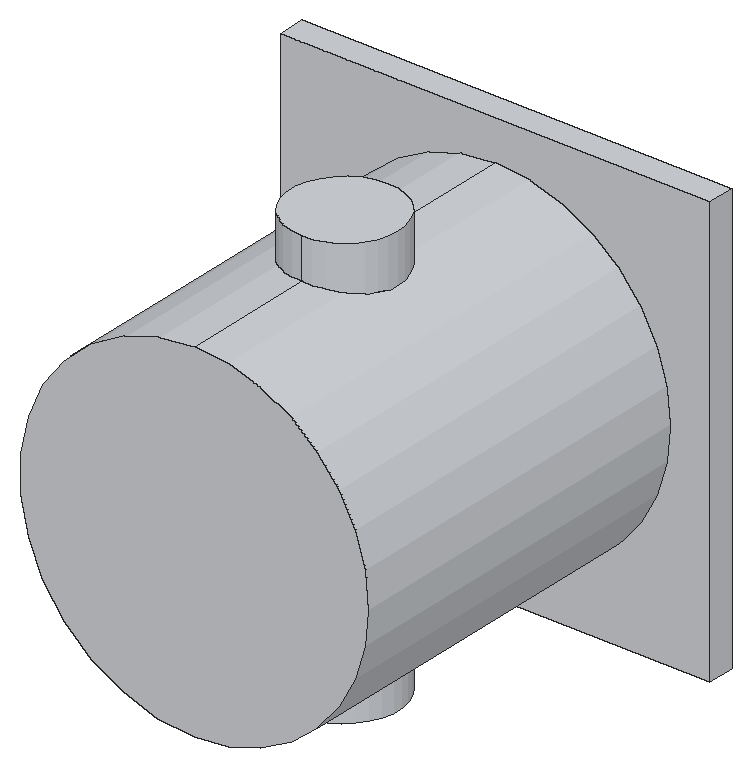
Revit family "LS_Taster_V1700", category Lichtschalter, Revit 2017
Family settings
  Beschriftungsausrichtung beibehalten = Nein
  Bemaßung runder Anschluss = Durchmesser verwenden
  Teiletyp = Schalter
  OmniClass-Nummer = 23.85.80.11.27
  OmniClass-Titel = Lighting Controls
  Arbeitsebenenbasiert = Nein
  Immer vertikal = Ja
  Beim Laden mit Abzugskörper schneiden = Nein
  Gemeinsam genutzt = Nein
  Raumberechnungspunkt = Nein
Parameters (values of type "Doppelbeleuchtung")
  pbr_Material_KZ = ""
  pbr_Material = none
  pbr_E_Typ = ""
  pbr_E_KZ = ""
  pbr_DINBild = 0
  pbr_Bild = 0
  pbr_3Dx_Delta_Korrekturversatz [instance] = 0 mm
  pbr_3DX_Versatzfaktor [instance] = 0
  pbr_2DY_Versatzfaktor [instance] = 0
  pbr_2DX_Versatzfaktor [instance] = 0
  lfd_STRK [instance] = 0
  cpiFitMatchKey [instance] = "E-LS-TAS-1"
  Zentrale [instance] = ""
  Typ [instance] = ""
  Text3 [instance] = ""
  Text2 [instance] = ""
  Text1 [instance] = ""
  Taster mit Leuchte dimmbar = no
  Taster mit Leuchte = no
  Taster dimmbar = no
  Taster D = 60 mm
  Taster (RWA) = no
  Taster (INSTA) = no
  Schlüsseltaster = no
  Schaltgruppe2 [instance] = 0
  Schaltgruppe1 [instance] = 0
  Planungsbüro Rohling = "www.pbr.de"
  Not-Aus Taster = no
  Not-Aus Schlagschalter = no
  Netzart = ""
  Menge(Dosenzahl) [instance] = 0
  Linie/Anschluss [instance] = ""
  Lastklassifizierung = none
  Installationsart [instance] = ""
  Info [instance] = ""
  IFC = ""
  Gruppentaster für Lichtszenen AV-Netz = no
  Gewerk [instance] = "Schalt"
  Ein-Aus Taster mit Kontroll = no
  Eckversatz [instance] = 0 mm
  Doppeltaster beleuchtet = yes
  Doppeltaster = no
  YFrontversatz [instance] = if(pbr_2DY_Versatzfaktor = 300, 0 mm, pbr_2DY_Versatzfaktor * 300 mm)  # 0 mm
  XSeitenversatz [instance] = if(pbr_2DX_Versatzfaktor = 0, 3000 mm, 3000 mm + (pbr_2DX_Versatzfaktor * 300 mm)) + Eckversatz  # 3000 mm
  R_Leerrohranschluss = 10 mm
  Niveau [instance] = 1100 mm
  Dosentiefe = 70 mm  # constant formula
  Dosenradius = 65 mm / 2  # 32.5 mm
  D_Leerrohranschluss = 2 * R_Leerrohranschluss  # 20 mm
  Breite = 80 mm
  3DX_Versatzkontrolle [instance] = if(pbr_3DX_Versatzfaktor = 0, (pbr_2DX_Versatzfaktor * -1), (((-1 * pbr_3DX_Versatzfaktor) + pbr_2DX_Versatzfaktor) * -1))  # 0
  3DX_Versatz [instance] = if([3DX_Versatzkontrolle] = 0, 2000 mm, 2000 mm + ([3DX_Versatzkontrolle] * (300 mm - Breite))) + pbr_3Dx_Delta_Korrekturversatz  # 2000 mm
  Platzierrahmen [instance] = no
Types (12, lengths in mm): name | Taster mit Leuchte dimmbar | Taster mit Leuchte | Taster dimmbar | Taster (RWA) | Taster (INSTA) | Schlüsseltaster | Not-Aus Taster | Not-Aus Schlagschalter | Gruppentaster für Lichtszenen AV-Netz | Ein-Aus Taster mit Kontroll | Doppeltaster beleuchtet | Doppeltaster
  Ein_Aus_Kontrolllechte | no | no | no | no | no | no | no | no | no | yes | no | no
  Not_Aus_Schlagschalter | no | no | no | no | no | no | no | yes | no | no | no | no
  Not_Aus_Taster | no | no | no | no | no | no | yes | no | no | no | no | no
  Schluesseltaster | no | no | no | no | no | yes | no | no | no | no | no | no
  INSTA | no | no | no | no | yes | no | no | no | no | no | no | no
  dimmbar | no | no | yes | no | no | no | no | no | no | no | no | no
  doppelt | no | no | no | no | no | no | no | no | no | no | no | yes
  Doppelbeleuchtung | no | no | no | no | no | no | no | no | no | no | yes | no
  Leuchte | no | yes | no | no | no | no | no | no | no | no | no | no
  Leuchte_dimmbar | yes | no | no | no | no | no | no | no | no | no | no | no
  Gruppentaster | no | no | no | no | no | no | no | no | yes | no | no | no
  RWA | no | no | no | yes | no | no | no | no | no | no | no | no
Reference planes
  plane 1 "Mitte (Vorne/Hinten)": y = 0
  plane 2: z = 0
  plane 3 "Mitte (Links/Rechts)": x = 0
  plane 4: x = -125
  plane 5: x = 125
  plane 6: x = -40
  plane 7: x = 40
  plane 8: z = 1140
  plane 9: z = 1060
  plane 10 "SchalterVorne": y = 5
  plane 11 "3D Schaltermitte-z": x = 0
  plane 12 "3D Schaltermitte-x": z = 1100
  plane 13: y = -70
  plane 14: y = -35
  plane 15: y = 12.5
  plane 16: x = -3000
  plane 17: x = 0
  plane 18: y = 0
Forms (mm)
  Extrusion 1, solid
    sketch origin (0, 20, 0) x (0, 0, 1) y (-1, 0, 0)
      loop
        line (1060, 40) -> (1060, -40) -> (1140, -40) -> (1140, 40) -> (1060, 40)
    from 15 to 20
  Sweep 2, solid
    path origin (0, 0, 0) x (0, 0, 1) y (0, -1, 0)
      loop
        line (1100, 0) -> (1100, 70)
    profile origin (0, -35, 1100) x (0, 0, -1) y (1, 0, 0)
      loop
        circle (0, 0) r 32.5
  Sweep 3, solid
    path origin (0, 0, 0) x (0, 0, 1) y (0, -1, 0)
      loop
        line (1060, 35) -> (1140, 35)
    profile origin (0, -35, 1100) x (0, -1, 0) y (1, 0, 0)
      loop
        circle (0, 0) r 10
  Sweep 4, solid
    path origin (0, 0, 1100) x (-1, 0, 0) y (0, -1, 0)
      loop
        line (0, -5) -> (0, -12.5)
    profile origin (0, 8.75, 1100) x (-1, 0, 0) y (0, 0, 1)
      loop
        circle (0, 0) r 30
Cuts and joins
  joined: Sweep 2, Sweep 3
Dimensions and locks
  plane 4 to plane 5 = 250 mm
  plane 7 to plane 6 = 80 mm
  plane 8 to plane 9 = 80 mm
  equal spacing: plane 7, plane 11 "3D Schaltermitte-z", plane 6
  equal spacing: plane 8, plane 12 "3D Schaltermitte-x", plane 9
  "Niveau": plane 12 "3D Schaltermitte-x" to level
  "Dosentiefe": plane 1 "Mitte (Vorne/Hinten)" to plane 13
  plane 10 "SchalterVorne" to plane 1 "Mitte (Vorne/Hinten)" = 5 mm
  equal spacing: plane 13, plane 14, plane 1 "Mitte (Vorne/Hinten)"
  plane 10 "SchalterVorne" to plane 15 = 7.5 mm
  "Breite": plane 7 to plane 6
  locked: plane 16 to plane 11 "3D Schaltermitte-z" at 3000
  plane 16 to plane 4 = 2875 mm
  "XSeitenversatz": plane 16 to plane 17
  "YFrontversatz": plane 18 to plane 1 "Mitte (Vorne/Hinten)"
  "Dosenradius": radius of Sweep 2 sketch curve
  "R_Leerrohranschluss": radius of Sweep 3 sketch curve
  "Taster D": diameter of Sweep 4 sketch curve
  aligned and locked: level to plane 2
  aligned and locked: plane 9 to Extrusion 1 sketch curve
  aligned and locked: Extrusion 1 sketch curve to plane 6
  aligned and locked: Extrusion 1 sketch curve to plane 8
  aligned and locked: plane 7 to Extrusion 1 sketch curve
  aligned and locked: plane 1 "Mitte (Vorne/Hinten)" to Extrusion 1
  aligned and locked: Extrusion 1 to plane 10 "SchalterVorne"
  aligned and locked: plane 15 to Sweep 4 sketch curve
  aligned and locked: plane 10 "SchalterVorne" to Sweep 4 sketch curve
  aligned and locked: plane 17 to nested 12
  aligned and locked: nested 12 to plane 18
  aligned and locked: nested 6 to nested 12  (x2)
  aligned and locked: nested 3 to nested 6
  aligned and locked: nested 6 to nested 3
  aligned and locked: nested 1 to nested 3
  aligned and locked: nested 3 to nested 1
  aligned and locked: nested 10 to nested 1  (x2)
  aligned and locked: nested 11 to nested 1  (x2)
  aligned and locked: nested 4 to nested 1  (x2)
  aligned and locked: nested 5 to nested 1  (x2)
  aligned and locked: nested 8 to nested 1  (x2)
  aligned and locked: nested 2 to nested 1
  aligned and locked: nested 1 to nested 2
  aligned and locked: nested 9 to nested 1  (x2)
  aligned and locked: nested 7 to nested 1  (x2)
Automatic sketch dimensions
  Sweep 2 sketch curve to plane 12 "3D Schaltermitte-x" = 0 mm
  Sweep 2 sketch curve to plane 1 "Mitte (Vorne/Hinten)" = 0 mm
  Sweep 2 sketch curve to plane 13 = 0 mm
  Sweep 3 sketch curve to plane 9 = 0 mm
  plane 8 to Sweep 3 sketch curve = 0 mm
  Sweep 3 sketch curve to plane 14 = 0 mm
  Sweep 2 sketch curve to plane 11 "3D Schaltermitte-z" = 0 mm
  Sweep 2 sketch curve to profile plane = 0 mm
  Sweep 3 sketch curve to plane 11 "3D Schaltermitte-z" = 0 mm
  Sweep 3 sketch curve to profile plane = 0 mm
  Sweep 4 sketch curve to plane 11 "3D Schaltermitte-z" = 0 mm
  Sweep 4 sketch curve to plane 12 "3D Schaltermitte-x" = 0 mm
  Sweep 4 sketch curve to profile plane = 0 mm
Nested families
  nested 1: "Ein-Aus-Taster mit Kontroll-Leuchte" at (0, 0, 1100), visible <- "Ein-Aus Taster mit Kontroll", type "Ein-Aus-Taster mit Kontroll-Leuchte"
  nested 2: "Not-aus Schlagschalter" at (0, 0, 1100), visible <- "Not-Aus Schlagschalter", type "Not-aus Schlagschalter"
  nested 3: "Not-Aus Taster (NS)" at (0, 0, 1100), visible <- "Not-Aus Taster", type "Not-Aus Taster (NS)"
  nested 4: "Schlüsseltaster" at (0, 0, 1100), visible <- "Schlüsseltaster", type "Schlüsseltaster"
  nested 5: "Taster (NS)" at (0, 0, 1100), visible <- "Taster (INSTA)", type "Taster (NS)"
  nested 6: "Taster (RWA)" at (0, 0, 1100), visible <- "Taster (RWA)", type "Taster (RWA)"
  nested 7: "Taster dimmbar" at (0, 0, 1100), visible <- "Taster dimmbar", type "Taster dimmbar"
  nested 8: "Doppeltaster" at (0, 0, 1100), visible <- "Doppeltaster", type "Doppeltaster"
  nested 9: "Doppeltaster bel" at (0, 0, 1100), visible <- "Doppeltaster beleuchtet", type "Doppeltaster bel"
  nested 10: "Taster mit Leuchte" at (0, 0, 1100), visible <- "Taster mit Leuchte", type "Taster mit Leuchte"
  nested 11: "Taster mit Leuchte dimmbar" at (0, 0, 1100), visible <- "Taster mit Leuchte dimmbar", type "Taster mit Leuchte dimmbar"
  nested 12: "Gruppentaster für Lichtszenen AV-Netz" at (0, 0, 1100), visible <- "Gruppentaster für Lichtszenen AV-Netz", type "Gruppentaster für Lichtszenen AV-Netz"
Connectors
  electrical at (0, -35, 1140)
    settings: on cut or joined group of Sweep 2, Sweep 3, index 3, voltage 230 V, apparent load 0 VA, apparent load phase1 0 VA, apparent load phase2 0 VA, apparent load phase3 0 VA, power factor 1, load classification "Standard", number of poles 1, system type 31, power factor state 1, is connector primary yes, connector utility no, sub classification motor no, connector description ""
  cabletrayconduit at (0, -35, 1140), diameter 20, driven by "D_Leerrohranschluss"
    settings: on cut or joined group of Sweep 2, Sweep 3, index 4, connector width 300 mm, connector height 300 mm, connector angle 0.00°, system type 32, placement type 0, profile type 0, connector reference index -1, is primary connector yes, connector utility param no, connector description ""
  cabletrayconduit at (0, -35, 1060), diameter 20, driven by "D_Leerrohranschluss"
    settings: on cut or joined group of Sweep 2, Sweep 3, index 5, connector width 300 mm, connector height 300 mm, connector angle 0.00°, system type 32, placement type 0, profile type 0, connector reference index -1, is primary connector no, connector utility param no, connector description ""
Definition of nested family "Ein-Aus-Taster mit Kontroll-Leuchte"
  Reference planes
    plane 1 "Mitte (Vorne/Hinten)": y = 0
    plane 2: z = 0
    plane 3 "Mitte (Links/Rechts)": x = 0
  Lines and regions (mm)
    detail lines, in view "Referenzebene"
      curve 1: circle (1.866, 304.806, 0) r 83.16 normal (0, 0, 1)
      curve 2: circle (1.866, 304.806, 0) r 56.7 normal (0, 0, 1)
      curve 3: circle (1.866, 100.364, 0) r 83.16 normal (0, 0, 1)
      curve 4: circle (1.866, 100.364, 0) r 56.7 normal (0, 0, 1)
      curve 5: line (-112.111, 406.72, 0) -> (117.741, 406.72, 0)
      curve 6: line (117.741, 406.72, 0) -> (117.741, 0, 0)
      curve 7: line (117.741, 0, 0) -> (-112.111, 0, 0)
      curve 8: line (-112.111, 0, 0) -> (-112.111, 406.72, 0)
Definition of nested family "Not-aus Schlagschalter"
  Reference planes
    plane 1 "Mitte (Vorne/Hinten)": y = 0
    plane 2: z = 0
    plane 3 "Mitte (Links/Rechts)": x = 0
  Lines and regions (mm)
    detail lines, in view "Referenzebene"
      curve 1: arc (-110.482, 144.993, 0) -> (0.531, 239.396, 0) -> (111.544, 144.993, 0) r 112.474
      curve 2: line (111.544, 144.993, 0) -> (-110.482, 144.993, 0)
      curve 3: line (33.045, 75.261, 0) -> (33.045, 144.993, 0)
      curve 4: line (-102.832, 0, 0) -> (103.893, 0, 0)
      curve 5: line (103.893, 0, 0) -> (103.893, 75.261, 0)
      curve 6: line (103.893, 75.261, 0) -> (-102.832, 75.261, 0)
      curve 7: line (-102.832, 75.261, 0) -> (-102.832, 0, 0)
      curve 8: line (-31.983, 144.993, 0) -> (-31.983, 75.261, 0)
Definition of nested family "Not-Aus Taster (NS)"
  Reference planes
    plane 1 "Mitte (Vorne/Hinten)": y = 0
    plane 2: z = 0
    plane 3 "Mitte (Links/Rechts)": x = 0
  Lines and regions (mm)
    detail lines, in view "Referenzebene"
      curve 1: circle (-2.83, 118.8, 0) r 118.8 normal (0, 0, 1)
      curve 2: circle (-2.83, 118.8, 0) r 81 normal (0, 0, 1)
      curve 3: line (55.838, 61.805, 0) -> (-60.596, 174.442, 0)
      curve 4: line (-59.403, 60.597, 0) -> (53.505, 176.758, 0)
      curve 5: line (-121.63, 237.6, 0) -> (115.97, 237.6, 0)
      curve 6: line (115.97, 237.6, 0) -> (115.97, 0, 0)
      curve 7: line (115.97, 0, 0) -> (-121.63, 0, 0)
      curve 8: line (-121.63, 0, 0) -> (-121.63, 237.6, 0)
Definition of nested family "Schlüsseltaster"
  Reference planes
    plane 1 "Mitte (Vorne/Hinten)": y = 0
    plane 2: z = 0
    plane 3 "Mitte (Links/Rechts)": x = 0
  Lines and regions (mm)
    detail lines, in view "Referenzebene"
      curve 1: circle (-0.141, 118.756, 0) r 118.8 normal (0, 0, 1)
      curve 2: circle (-0.141, 118.756, 0) r 81 normal (0, 0, 1)
      curve 3: arc (-228.098, 144.732, 0) -> (-250.448, 228.789, 0) -> (-272.799, 144.732, 0) r 45
      curve 4: line (-272.799, 144.732, 0) -> (-317.948, 48.789, 0)
      curve 5: line (-317.948, 48.789, 0) -> (-182.948, 48.789, 0)
      curve 6: line (-182.948, 48.789, 0) -> (-228.098, 144.732, 0)
      curve 7: line (-120.493, 117.366, 0) -> (-212.803, 117.366, 0)
Definition of nested family "Taster (NS)"
  Reference planes
    plane 1 "Mitte (Vorne/Hinten)": y = 0
    plane 2: z = 0
    plane 3 "Mitte (Links/Rechts)": x = 0
  Lines and regions (mm)
    detail lines, in view "Referenzebene"
      curve 1: circle (0.904, 118.454, 0) r 118.8 normal (0, 0, 1)
      curve 2: circle (0.904, 118.454, 0) r 81 normal (0, 0, 1)
Definition of nested family "Taster (RWA)"
  Reference planes
    plane 1 "Mitte (Vorne/Hinten)": y = 0
    plane 2: z = 0
    plane 3 "Mitte (Links/Rechts)": x = 0
  Lines and regions (mm)
    Filled region 1, type "Beton", in view "Referenzebene"
      outline origin (-387.332, -160.154, 0) x (1, 0, 0) y (0, 1, 0)
        loop
          circle (388.091, 295.154) r 30
    detail lines, in view "Referenzebene"
      curve 1: arc (62.953, 28.278, 0) -> (102.001, 128.994, 0) -> (75.718, 233.768, 0) r 178.259
      curve 2: arc (-68.944, 233.768, 0) -> (-106.695, 130.761, 0) -> (-67.546, 28.278, 0) r 156.504
      curve 3: line (-134.241, 270, 0) -> (135.759, 270, 0)
      curve 4: line (135.759, 270, 0) -> (135.759, 0, 0)
      curve 5: line (135.759, 0, 0) -> (-134.241, 0, 0)
      curve 6: line (-134.241, 0, 0) -> (-134.241, 270, 0)
Definition of nested family "Taster dimmbar"
  Reference planes
    plane 1 "Mitte (Vorne/Hinten)": y = 0
    plane 2: z = 0
    plane 3 "Mitte (Links/Rechts)": x = 0
  Lines and regions (mm)
    detail lines, in view "Referenzebene"
      curve 1: circle (0.013, 118.8, 0) r 118.8 normal (0, 0, 1)
      curve 2: circle (0.013, 118.8, 0) r 81 normal (0, 0, 1)
      curve 3: line (-3.453, 253.166, 0) -> (149.519, 253.166, 0)
      curve 4: line (149.519, 253.166, 0) -> (149.519, 283.344, 0)
      curve 5: line (149.519, 283.344, 0) -> (-3.453, 253.166, 0)
Definition of nested family "Doppeltaster"
  Parameters (values of type "Doppeltaster")
    T = yes
    D = yes
  Reference planes
    plane 1 "Mitte (Vorne/Hinten)": y = 0
    plane 2: z = 0
    plane 3 "Mitte (Links/Rechts)": x = 0
  Lines and regions (mm)
    Filled region 1, type "Beton", in view "Referenzebene", visible <- "D"
      outline origin (1679.665, -430.573, 0) x (1, 0, 0) y (0, 1, 0)
        loop
          line (-1564.559, 790.255) -> (-1564.559, 612.87) -> (-1499.683, 612.87)
          spline (-1499.683, 612.87) -> (-1471.146, 616.111) -> (-1451.033, 624.7) -> (-1435.824, 639.434) -> (-1425.417, 658.525) -> (-1419.603, 680.143) -> (-1417.905, 701.337) -> (-1419.202, 722.318) -> (-1424.603, 744.128) -> (-1435.508, 764.267) -> (-1450.729, 778.764) -> (-1470.433, 787.398) -> (-1496.191, 790.255)
          line (-1496.191, 790.255) -> (-1564.559, 790.255)
        loop
          line (-1541.125, 633.929) -> (-1498.666, 633.929)
          spline (-1498.666, 633.929) -> (-1492.075, 634.272) -> (-1487.032, 634.742) -> (-1483.21, 635.286) -> (-1480.284, 635.849) -> (-1477.934, 636.397) -> (-1475.869, 636.996) -> (-1473.806, 637.742) -> (-1471.463, 638.733) -> (-1468.579, 640.065) -> (-1465.24, 641.861) -> (-1461.809, 644.259) -> (-1458.661, 647.4)
          spline (-1458.661, 647.4) -> (-1448.269, 664.418) -> (-1444.509, 676.498) -> (-1442.434, 689.661) -> (-1441.782, 703.04) -> (-1442.152, 714.317) -> (-1444.494, 729.089) -> (-1448.11, 739.996) -> (-1454.969, 751.321) -> (-1463.79, 760.319) -> (-1474.712, 766.224) -> (-1487.853, 768.71) -> (-1501.125, 769.324)
          line (-1501.125, 769.324) -> (-1541.125, 769.324) -> (-1541.125, 633.929)
    Filled region 2, type "Beton", in view "Referenzebene", visible <- "T"
      outline origin (-560.352, -569.192, 0) x (1, 0, 0) y (0, 1, 0)
        loop
          line (893.404, 751.29) -> (893.404, 908.008) -> (951.387, 908.008) -> (951.387, 928.675) -> (811.387, 928.675) -> (811.387, 908.008) -> (869.983, 908.008) -> (869.983, 751.29) -> (893.404, 751.29)
    detail lines, in view "Referenzebene"
      curve 1: circle (0.106, 118.674, 0) r 118.8 normal (0, 0, 1)
      curve 2: circle (0.106, 118.674, 0) r 81 normal (0, 0, 1)
      curve 3: line (104.203, 252.373, 0) -> (44.574, 213.264, 0)
      curve 4: line (0.106, 199.674, 0) -> (0.106, 37.674, 0)
Definition of nested family "Doppeltaster bel"
  Parameters (values of type "Doppeltaster bel")
    T = yes
    D = yes
  Reference planes
    plane 1 "Mitte (Vorne/Hinten)": y = 0
    plane 2: z = 0
    plane 3 "Mitte (Links/Rechts)": x = 0
  Lines and regions (mm)
    Filled region 1, type "Beton", in view "Referenzebene", visible <- "D"
      outline origin (1678.965, -430, 0) x (1, 0, 0) y (0, 1, 0)
        loop
          line (-1564.559, 790.255) -> (-1564.559, 612.87) -> (-1499.683, 612.87)
          spline (-1499.683, 612.87) -> (-1471.146, 616.111) -> (-1451.033, 624.7) -> (-1435.824, 639.434) -> (-1425.417, 658.525) -> (-1419.603, 680.143) -> (-1417.905, 701.337) -> (-1419.202, 722.318) -> (-1424.603, 744.128) -> (-1435.508, 764.267) -> (-1450.729, 778.764) -> (-1470.433, 787.398) -> (-1496.191, 790.255)
          line (-1496.191, 790.255) -> (-1564.559, 790.255)
        loop
          line (-1541.125, 633.929) -> (-1498.666, 633.929)
          spline (-1498.666, 633.929) -> (-1492.075, 634.272) -> (-1487.032, 634.742) -> (-1483.21, 635.286) -> (-1480.284, 635.849) -> (-1477.934, 636.397) -> (-1475.869, 636.996) -> (-1473.806, 637.742) -> (-1471.463, 638.733) -> (-1468.579, 640.065) -> (-1465.24, 641.861) -> (-1461.809, 644.259) -> (-1458.661, 647.4)
          spline (-1458.661, 647.4) -> (-1448.269, 664.418) -> (-1444.509, 676.498) -> (-1442.434, 689.661) -> (-1441.782, 703.04) -> (-1442.152, 714.317) -> (-1444.494, 729.089) -> (-1448.11, 739.996) -> (-1454.969, 751.321) -> (-1463.79, 760.319) -> (-1474.712, 766.224) -> (-1487.853, 768.71) -> (-1501.125, 769.324)
          line (-1501.125, 769.324) -> (-1541.125, 769.324) -> (-1541.125, 633.929)
    Filled region 2, type "Beton", in view "Referenzebene", visible <- "T"
      outline origin (-561.052, -568.619, 0) x (1, 0, 0) y (0, 1, 0)
        loop
          line (893.404, 751.29) -> (893.404, 908.008) -> (951.387, 908.008) -> (951.387, 928.675) -> (811.387, 928.675) -> (811.387, 908.008) -> (869.983, 908.008) -> (869.983, 751.29) -> (893.404, 751.29)
    detail lines, in view "Referenzebene"
      curve 1: circle (-0.594, 119.248, 0) r 118.8 normal (0, 0, 1)
      curve 2: circle (-0.594, 119.248, 0) r 81 normal (0, 0, 1)
      curve 3: line (28.965, 90.412, 0) -> (-29.251, 146.73, 0)
      curve 4: line (-28.655, 89.808, 0) -> (27.799, 147.888, 0)
      curve 5: line (103.503, 252.946, 0) -> (43.874, 213.837, 0)
      curve 6: line (-0.594, 200.248, 0) -> (-0.594, 38.248, 0)
Definition of nested family "Taster mit Leuchte"
  Reference planes
    plane 1 "Mitte (Vorne/Hinten)": y = 0
    plane 2: z = 0
    plane 3 "Mitte (Links/Rechts)": x = 0
  Lines and regions (mm)
    detail lines, in view "Referenzebene"
      curve 1: circle (-2.83, 118.8, 0) r 118.8 normal (0, 0, 1)
      curve 2: circle (-2.83, 118.8, 0) r 81 normal (0, 0, 1)
      curve 3: line (55.838, 61.805, 0) -> (-60.596, 174.442, 0)
      curve 4: line (-59.403, 60.597, 0) -> (53.505, 176.758, 0)
Definition of nested family "Taster mit Leuchte dimmbar"
  Reference planes
    plane 1 "Mitte (Vorne/Hinten)": y = 0
    plane 2: z = 0
    plane 3 "Mitte (Links/Rechts)": x = 0
  Lines and regions (mm)
    detail lines, in view "Referenzebene"
      curve 1: circle (-2.83, 118.8, 0) r 118.8 normal (0, 0, 1)
      curve 2: circle (-2.83, 118.8, 0) r 81 normal (0, 0, 1)
      curve 3: line (55.838, 61.805, 0) -> (-60.596, 174.442, 0)
      curve 4: line (-59.403, 60.597, 0) -> (53.505, 176.758, 0)
      curve 5: line (0, 255, 0) -> (150, 255, 0)
      curve 6: line (150, 255, 0) -> (150, 315, 0)
      curve 7: line (150, 315, 0) -> (0, 255, 0)
Definition of nested family "Gruppentaster für Lichtszenen AV-Netz"
  Reference planes
    plane 1 "Mitte (Vorne/Hinten)": y = 0
    plane 2: z = 0
    plane 3 "Mitte (Links/Rechts)": x = 0
  Lines and regions (mm)
    detail lines, in view "Referenzebene"
      curve 1: circle (0.113, 118.8, 0) r 118.8 normal (0, 0, 1)
      curve 2: circle (0.113, 118.8, 0) r 81 normal (0, 0, 1)
      curve 3: line (0.113, 199.8, 0) -> (0.113, 37.8, 0)
      curve 4: line (-118.687, 0, 0) -> (116.313, 0, 0)
      curve 5: line (-118.687, 240, 0) -> (-118.687, 0, 0)
      curve 6: line (116.313, 240, 0) -> (-118.687, 240, 0)
      curve 7: line (116.313, 0, 0) -> (116.313, 240, 0)
